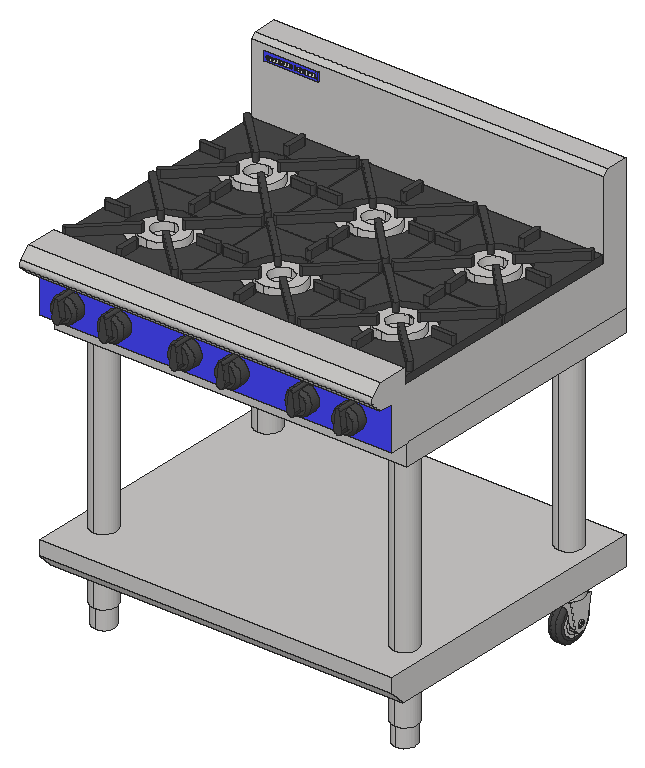
Revit family "QF_MOFFAT_BLUESEAL_CE_G516D-LS", category Specialty Equipment, Revit 2012 (continued)
Definition of nested family "GAS BURNER 900"
  Forms (mm)
    Extrusion 2, solid, material "QF_Finishes_Black"
      sketch origin (0, 0, 19.5) x (0, -1, 0) y (1, 0, 0)
        loop
          spline (202.475, 123.076) -> (201.405, 123.837) -> (200.101, 124.238) -> (198.649, 124.251) -> (197.15, 123.875) -> (195.705, 123.137) -> (194.414, 122.086) -> (193.363, 120.795) -> (192.625, 119.35) -> (192.249, 117.851) -> (192.262, 116.399) -> (192.663, 115.095) -> (193.424, 114.025)
          line (193.424, 114.025) -> (304.847, 6.102)
          spline (304.847, 6.102) -> (305.916, 5.341) -> (307.221, 4.941) -> (308.672, 4.928) -> (310.171, 5.303) -> (311.616, 6.041) -> (312.908, 7.092) -> (313.959, 8.384) -> (314.697, 9.829) -> (315.072, 11.328) -> (315.059, 12.779) -> (314.659, 14.084) -> (313.898, 15.153)
        loop
          line (172.9, 8.898) -> (172.9, 58.102)
          spline (172.9, 58.102) -> (172.682, 59.396) -> (172.043, 60.602) -> (171.025, 61.638) -> (169.7, 62.432) -> (168.156, 62.932) -> (166.5, 63.102) -> (164.844, 62.932) -> (163.3, 62.432) -> (161.975, 61.638) -> (160.957, 60.602) -> (160.318, 59.396) -> (160.1, 58.102)
          line (160.1, 58.102) -> (160.1, 8.898)
          spline (160.1, 8.898) -> (160.318, 7.604) -> (160.957, 6.398) -> (161.975, 5.362) -> (163.3, 4.568) -> (164.844, 4.068) -> (166.5, 3.898) -> (168.156, 4.068) -> (169.7, 4.568) -> (171.025, 5.362) -> (172.043, 6.398) -> (172.682, 7.604) -> (172.9, 8.898)
      from 0 to 20.5
    Extrusion 3, solid, material "QF_Finishes_Stainless Steel"
      sketch origin (0, -15.098, 0) x (0, -1, 0) y (1, 0, 0)
        loop
          circle (151.402, 150) r 57
        loop
          circle (451.402, 150) r 57
        loop
          circle (151.402, 150) r 30
        loop
          circle (451.402, 150) r 30
      from 0 to 20
    Extrusion 4, solid, material "QF_Finishes_Black"
      sketch origin (600, 0, 0) x (0, -1, 0) y (1, 0, 0)
        loop
          arc (318.5, -4) -> (317.621, -1.879) -> (315.5, -1) r 3
          line (315.5, -1) -> (3, -1)
          arc (3, -1) -> (0.879, -1.879) -> (0, -4) r 3
          line (0, -4) -> (0, -296)
          arc (0, -296) -> (0.879, -298.121) -> (3, -299) r 3
          line (3, -299) -> (315.5, -299)
          arc (315.5, -299) -> (317.621, -298.121) -> (318.5, -296) r 3
          line (318.5, -296) -> (318.5, -4)
        loop
          arc (324.5, -1) -> (322.379, -1.879) -> (321.5, -4) r 3
          line (321.5, -4) -> (321.5, -296)
          arc (321.5, -296) -> (322.379, -298.121) -> (324.5, -299) r 3
          line (324.5, -299) -> (632, -299)
          arc (632, -299) -> (634.121, -298.121) -> (635, -296) r 3
          line (635, -296) -> (635, -4)
          arc (635, -4) -> (634.121, -1.879) -> (632, -1) r 3
          line (632, -1) -> (324.5, -1)
        loop
          circle (168.5, -149.991) r 84.082
        loop
          circle (468.5, -149.991) r 84.082
      from 0 to 19.5
    Extrusion 5, solid, material "QF_Finishes_Black"
      sketch origin (600, 0, 19.5) x (0, -1, 0) y (1, 0, 0)
        loop
          line (326.102, -15.153) -> (434.025, -123.076)
          spline (434.025, -123.076) -> (435.095, -123.837) -> (436.399, -124.238) -> (437.851, -124.251) -> (439.35, -123.875) -> (440.795, -123.137) -> (442.086, -122.086) -> (443.137, -120.795) -> (443.875, -119.35) -> (444.251, -117.851) -> (444.238, -116.399) -> (443.837, -115.095) -> (443.076, -114.025)
          line (443.076, -114.025) -> (335.153, -6.102)
          spline (335.153, -6.102) -> (333.924, -5.181) -> (332.47, -4.631) -> (330.89, -4.49) -> (329.292, -4.767) -> (327.786, -5.443) -> (326.473, -6.473) -> (325.443, -7.786) -> (324.767, -9.292) -> (324.49, -10.89) -> (324.631, -12.47) -> (325.181, -13.924) -> (326.102, -15.153)
        loop
          line (328.898, -156.4) -> (378.102, -156.4)
          spline (378.102, -156.4) -> (379.396, -156.182) -> (380.602, -155.543) -> (381.638, -154.525) -> (382.432, -153.2) -> (382.932, -151.656) -> (383.102, -150) -> (382.932, -148.344) -> (382.432, -146.8) -> (381.638, -145.475) -> (380.602, -144.457) -> (379.396, -143.818) -> (378.102, -143.6)
          line (378.102, -143.6) -> (328.898, -143.6)
          spline (328.898, -143.6) -> (327.604, -143.818) -> (326.398, -144.457) -> (325.362, -145.475) -> (324.568, -146.8) -> (324.068, -148.344) -> (323.898, -150) -> (324.068, -151.656) -> (324.568, -153.2) -> (325.362, -154.525) -> (326.398, -155.543) -> (327.604, -156.182) -> (328.898, -156.4)
        loop
          line (335.153, -293.898) -> (443.076, -185.975)
          spline (443.076, -185.975) -> (443.837, -184.905) -> (444.238, -183.601) -> (444.251, -182.149) -> (443.875, -180.65) -> (443.137, -179.205) -> (442.086, -177.914) -> (440.795, -176.863) -> (439.35, -176.125) -> (437.851, -175.749) -> (436.399, -175.762) -> (435.095, -176.163) -> (434.025, -176.924)
          line (434.025, -176.924) -> (326.102, -284.847)
          spline (326.102, -284.847) -> (325.341, -285.916) -> (324.941, -287.221) -> (324.928, -288.672) -> (325.303, -290.171) -> (326.041, -291.616) -> (327.092, -292.908) -> (328.384, -293.959) -> (329.829, -294.697) -> (331.328, -295.072) -> (332.779, -295.059) -> (334.084, -294.659) -> (335.153, -293.898)
        loop
          spline (463.6, -291.102) -> (463.818, -292.396) -> (464.457, -293.602) -> (465.475, -294.638) -> (466.8, -295.432) -> (468.344, -295.932) -> (470, -296.102) -> (471.656, -295.932) -> (473.2, -295.432) -> (474.525, -294.638) -> (475.543, -293.602) -> (476.182, -292.396) -> (476.4, -291.102)
          line (476.4, -291.102) -> (476.4, -241.898)
          spline (476.4, -241.898) -> (476.182, -240.604) -> (475.543, -239.398) -> (474.525, -238.362) -> (473.2, -237.568) -> (471.656, -237.068) -> (470, -236.898) -> (468.344, -237.068) -> (466.8, -237.568) -> (465.475, -238.362) -> (464.457, -239.398) -> (463.818, -240.604) -> (463.6, -241.898)
          line (463.6, -241.898) -> (463.6, -291.102)
        loop
          line (612.398, -284.847) -> (505.975, -176.924)
          spline (505.975, -176.924) -> (504.905, -176.163) -> (503.601, -175.762) -> (502.149, -175.749) -> (500.65, -176.125) -> (499.205, -176.863) -> (497.914, -177.914) -> (496.863, -179.205) -> (496.125, -180.65) -> (495.749, -182.149) -> (495.762, -183.601) -> (496.163, -184.905) -> (496.924, -185.975)
          line (496.924, -185.975) -> (603.347, -293.898)
          spline (603.347, -293.898) -> (604.416, -294.659) -> (605.721, -295.059) -> (607.172, -295.072) -> (608.671, -294.697) -> (610.116, -293.959) -> (611.408, -292.908) -> (612.459, -291.616) -> (613.197, -290.171) -> (613.572, -288.672) -> (613.559, -287.221) -> (613.159, -285.916) -> (612.398, -284.847)
        loop
          line (609.602, -143.6) -> (561.898, -143.6)
          spline (561.898, -143.6) -> (560.604, -143.818) -> (559.398, -144.457) -> (558.362, -145.475) -> (557.568, -146.8) -> (557.068, -148.344) -> (556.898, -150) -> (557.068, -151.656) -> (557.568, -153.2) -> (558.362, -154.525) -> (559.398, -155.543) -> (560.604, -156.182) -> (561.898, -156.4)
          line (561.898, -156.4) -> (609.602, -156.4)
          spline (609.602, -156.4) -> (610.896, -156.182) -> (612.102, -155.543) -> (613.138, -154.525) -> (613.932, -153.2) -> (614.432, -151.656) -> (614.602, -150) -> (614.432, -148.344) -> (613.932, -146.8) -> (613.138, -145.475) -> (612.102, -144.457) -> (610.896, -143.818) -> (609.602, -143.6)
        loop
          spline (612.398, -15.153) -> (613.159, -14.084) -> (613.559, -12.779) -> (613.572, -11.328) -> (613.197, -9.829) -> (612.459, -8.384) -> (611.408, -7.092) -> (610.116, -6.041) -> (608.671, -5.303) -> (607.172, -4.928) -> (605.721, -4.941) -> (604.416, -5.341) -> (603.347, -6.102)
          line (603.347, -6.102) -> (496.924, -114.025)
          spline (496.924, -114.025) -> (496.163, -115.095) -> (495.762, -116.399) -> (495.749, -117.851) -> (496.125, -119.35) -> (496.863, -120.795) -> (497.914, -122.086) -> (499.205, -123.137) -> (500.65, -123.875) -> (502.149, -124.251) -> (503.601, -124.238) -> (504.905, -123.837) -> (505.975, -123.076)
          line (505.975, -123.076) -> (612.398, -15.153)
        loop
          spline (476.4, -8.898) -> (476.182, -7.604) -> (475.543, -6.398) -> (474.525, -5.362) -> (473.2, -4.568) -> (471.656, -4.068) -> (470, -3.898) -> (468.344, -4.068) -> (466.8, -4.568) -> (465.475, -5.362) -> (464.457, -6.398) -> (463.818, -7.604) -> (463.6, -8.898)
          line (463.6, -8.898) -> (463.6, -58.102)
          spline (463.6, -58.102) -> (463.818, -59.396) -> (464.457, -60.602) -> (465.475, -61.638) -> (466.8, -62.432) -> (468.344, -62.932) -> (470, -63.102) -> (471.656, -62.932) -> (473.2, -62.432) -> (474.525, -61.638) -> (475.543, -60.602) -> (476.182, -59.396) -> (476.4, -58.102)
          line (476.4, -58.102) -> (476.4, -8.898)
        loop
          line (22.602, -15.153) -> (130.525, -123.076)
          spline (130.525, -123.076) -> (131.595, -123.837) -> (132.899, -124.238) -> (134.351, -124.251) -> (135.85, -123.875) -> (137.295, -123.137) -> (138.586, -122.086) -> (139.637, -120.795) -> (140.375, -119.35) -> (140.751, -117.851) -> (140.738, -116.399) -> (140.337, -115.095) -> (139.576, -114.025)
          line (139.576, -114.025) -> (31.653, -6.102)
          spline (31.653, -6.102) -> (30.424, -5.181) -> (28.97, -4.631) -> (27.39, -4.49) -> (25.792, -4.767) -> (24.286, -5.443) -> (22.973, -6.473) -> (21.943, -7.786) -> (21.267, -9.292) -> (20.99, -10.89) -> (21.131, -12.47) -> (21.681, -13.924) -> (22.602, -15.153)
        loop
          line (25.398, -156.4) -> (74.602, -156.4)
          spline (74.602, -156.4) -> (75.896, -156.182) -> (77.102, -155.543) -> (78.138, -154.525) -> (78.932, -153.2) -> (79.432, -151.656) -> (79.602, -150) -> (79.432, -148.344) -> (78.932, -146.8) -> (78.138, -145.475) -> (77.102, -144.457) -> (75.896, -143.818) -> (74.602, -143.6)
          line (74.602, -143.6) -> (25.398, -143.6)
          spline (25.398, -143.6) -> (24.104, -143.818) -> (22.898, -144.457) -> (21.862, -145.475) -> (21.068, -146.8) -> (20.568, -148.344) -> (20.398, -150) -> (20.568, -151.656) -> (21.068, -153.2) -> (21.862, -154.525) -> (22.898, -155.543) -> (24.104, -156.182) -> (25.398, -156.4)
        loop
          line (31.653, -293.898) -> (139.576, -185.975)
          spline (139.576, -185.975) -> (140.337, -184.905) -> (140.738, -183.601) -> (140.751, -182.149) -> (140.375, -180.65) -> (139.637, -179.205) -> (138.586, -177.914) -> (137.295, -176.863) -> (135.85, -176.125) -> (134.351, -175.749) -> (132.899, -175.762) -> (131.595, -176.163) -> (130.525, -176.924)
          line (130.525, -176.924) -> (22.602, -284.847)
          spline (22.602, -284.847) -> (21.841, -285.916) -> (21.441, -287.221) -> (21.428, -288.672) -> (21.803, -290.171) -> (22.541, -291.616) -> (23.592, -292.908) -> (24.884, -293.959) -> (26.329, -294.697) -> (27.828, -295.072) -> (29.279, -295.059) -> (30.584, -294.659) -> (31.653, -293.898)
        loop
          spline (160.1, -291.102) -> (160.318, -292.396) -> (160.957, -293.602) -> (161.975, -294.638) -> (163.3, -295.432) -> (164.844, -295.932) -> (166.5, -296.102) -> (168.156, -295.932) -> (169.7, -295.432) -> (171.025, -294.638) -> (172.043, -293.602) -> (172.682, -292.396) -> (172.9, -291.102)
          line (172.9, -291.102) -> (172.9, -241.898)
          spline (172.9, -241.898) -> (172.682, -240.604) -> (172.043, -239.398) -> (171.025, -238.362) -> (169.7, -237.568) -> (168.156, -237.068) -> (166.5, -236.898) -> (164.844, -237.068) -> (163.3, -237.568) -> (161.975, -238.362) -> (160.957, -239.398) -> (160.318, -240.604) -> (160.1, -241.898)
          line (160.1, -241.898) -> (160.1, -291.102)
        loop
          line (313.898, -284.847) -> (202.475, -176.924)
          spline (202.475, -176.924) -> (201.405, -176.163) -> (200.101, -175.762) -> (198.649, -175.749) -> (197.15, -176.125) -> (195.705, -176.863) -> (194.414, -177.914) -> (193.363, -179.205) -> (192.625, -180.65) -> (192.249, -182.149) -> (192.262, -183.601) -> (192.663, -184.905) -> (193.424, -185.975)
          line (193.424, -185.975) -> (304.847, -293.898)
          spline (304.847, -293.898) -> (305.916, -294.659) -> (307.221, -295.059) -> (308.672, -295.072) -> (310.171, -294.697) -> (311.616, -293.959) -> (312.908, -292.908) -> (313.959, -291.616) -> (314.697, -290.171) -> (315.072, -288.672) -> (315.059, -287.221) -> (314.659, -285.916) -> (313.898, -284.847)
        loop
          line (311.102, -143.6) -> (261.898, -143.6)
          spline (261.898, -143.6) -> (260.604, -143.818) -> (259.398, -144.457) -> (258.362, -145.475) -> (257.568, -146.8) -> (257.068, -148.344) -> (256.898, -150) -> (257.068, -151.656) -> (257.568, -153.2) -> (258.362, -154.525) -> (259.398, -155.543) -> (260.604, -156.182) -> (261.898, -156.4)
          line (261.898, -156.4) -> (311.102, -156.4)
          spline (311.102, -156.4) -> (312.396, -156.182) -> (313.602, -155.543) -> (314.638, -154.525) -> (315.432, -153.2) -> (315.932, -151.656) -> (316.102, -150) -> (315.932, -148.344) -> (315.432, -146.8) -> (314.638, -145.475) -> (313.602, -144.457) -> (312.396, -143.818) -> (311.102, -143.6)
        loop
          spline (313.898, -15.153) -> (314.659, -14.084) -> (315.059, -12.779) -> (315.072, -11.328) -> (314.697, -9.829) -> (313.959, -8.384) -> (312.908, -7.092) -> (311.616, -6.041) -> (310.171, -5.303) -> (308.672, -4.928) -> (307.221, -4.941) -> (305.916, -5.341) -> (304.847, -6.102)
          line (304.847, -6.102) -> (193.424, -114.025)
          spline (193.424, -114.025) -> (192.663, -115.095) -> (192.262, -116.399) -> (192.249, -117.851) -> (192.625, -119.35) -> (193.363, -120.795) -> (194.414, -122.086) -> (195.705, -123.137) -> (197.15, -123.875) -> (198.649, -124.251) -> (200.101, -124.238) -> (201.405, -123.837) -> (202.475, -123.076)
          line (202.475, -123.076) -> (313.898, -15.153)
        loop
          spline (172.9, -8.898) -> (172.682, -7.604) -> (172.043, -6.398) -> (171.025, -5.362) -> (169.7, -4.568) -> (168.156, -4.068) -> (166.5, -3.898) -> (164.844, -4.068) -> (163.3, -4.568) -> (161.975, -5.362) -> (160.957, -6.398) -> (160.318, -7.604) -> (160.1, -8.898)
          line (160.1, -8.898) -> (160.1, -58.102)
          spline (160.1, -58.102) -> (160.318, -59.396) -> (160.957, -60.602) -> (161.975, -61.638) -> (163.3, -62.432) -> (164.844, -62.932) -> (166.5, -63.102) -> (168.156, -62.932) -> (169.7, -62.432) -> (171.025, -61.638) -> (172.043, -60.602) -> (172.682, -59.396) -> (172.9, -58.102)
          line (172.9, -58.102) -> (172.9, -8.898)
      from 0 to 20.5
    Extrusion 6, solid, material "QF_Finishes_Stainless Steel"
      sketch origin (600, -15.098, 0) x (0, -1, 0) y (1, 0, 0)
        loop
          circle (151.402, -150) r 57
        loop
          circle (451.402, -150) r 57
        loop
          circle (151.402, -150) r 30
        loop
          circle (451.402, -150) r 30
      from 0 to 20
    Extrusion 7, solid, material "QF_Finishes_Black"
      sketch origin (901, 0, 19.5) x (0, -1, 0) y (1, 0, 0)
        loop
          line (326.102, -15.153) -> (434.025, -123.076)
          spline (434.025, -123.076) -> (435.095, -123.837) -> (436.399, -124.238) -> (437.851, -124.251) -> (439.35, -123.875) -> (440.795, -123.137) -> (442.086, -122.086) -> (443.137, -120.795) -> (443.875, -119.35) -> (444.251, -117.851) -> (444.238, -116.399) -> (443.837, -115.095) -> (443.076, -114.025)
          line (443.076, -114.025) -> (335.153, -6.102)
          spline (335.153, -6.102) -> (333.924, -5.181) -> (332.47, -4.631) -> (330.89, -4.49) -> (329.292, -4.767) -> (327.786, -5.443) -> (326.473, -6.473) -> (325.443, -7.786) -> (324.767, -9.292) -> (324.49, -10.89) -> (324.631, -12.47) -> (325.181, -13.924) -> (326.102, -15.153)
        loop
          line (328.898, -156.4) -> (378.102, -156.4)
          spline (378.102, -156.4) -> (379.396, -156.182) -> (380.602, -155.543) -> (381.638, -154.525) -> (382.432, -153.2) -> (382.932, -151.656) -> (383.102, -150) -> (382.932, -148.344) -> (382.432, -146.8) -> (381.638, -145.475) -> (380.602, -144.457) -> (379.396, -143.818) -> (378.102, -143.6)
          line (378.102, -143.6) -> (328.898, -143.6)
          spline (328.898, -143.6) -> (327.604, -143.818) -> (326.398, -144.457) -> (325.362, -145.475) -> (324.568, -146.8) -> (324.068, -148.344) -> (323.898, -150) -> (324.068, -151.656) -> (324.568, -153.2) -> (325.362, -154.525) -> (326.398, -155.543) -> (327.604, -156.182) -> (328.898, -156.4)
        loop
          line (335.153, -293.898) -> (443.076, -185.975)
          spline (443.076, -185.975) -> (443.837, -184.905) -> (444.238, -183.601) -> (444.251, -182.149) -> (443.875, -180.65) -> (443.137, -179.205) -> (442.086, -177.914) -> (440.795, -176.863) -> (439.35, -176.125) -> (437.851, -175.749) -> (436.399, -175.762) -> (435.095, -176.163) -> (434.025, -176.924)
          line (434.025, -176.924) -> (326.102, -284.847)
          spline (326.102, -284.847) -> (325.341, -285.916) -> (324.941, -287.221) -> (324.928, -288.672) -> (325.303, -290.171) -> (326.041, -291.616) -> (327.092, -292.908) -> (328.384, -293.959) -> (329.829, -294.697) -> (331.328, -295.072) -> (332.779, -295.059) -> (334.084, -294.659) -> (335.153, -293.898)
        loop
          spline (463.6, -291.102) -> (463.818, -292.396) -> (464.457, -293.602) -> (465.475, -294.638) -> (466.8, -295.432) -> (468.344, -295.932) -> (470, -296.102) -> (471.656, -295.932) -> (473.2, -295.432) -> (474.525, -294.638) -> (475.543, -293.602) -> (476.182, -292.396) -> (476.4, -291.102)
          line (476.4, -291.102) -> (476.4, -241.898)
          spline (476.4, -241.898) -> (476.182, -240.604) -> (475.543, -239.398) -> (474.525, -238.362) -> (473.2, -237.568) -> (471.656, -237.068) -> (470, -236.898) -> (468.344, -237.068) -> (466.8, -237.568) -> (465.475, -238.362) -> (464.457, -239.398) -> (463.818, -240.604) -> (463.6, -241.898)
          line (463.6, -241.898) -> (463.6, -291.102)
        loop
          line (612.398, -284.847) -> (505.975, -176.924)
          spline (505.975, -176.924) -> (504.905, -176.163) -> (503.601, -175.762) -> (502.149, -175.749) -> (500.65, -176.125) -> (499.205, -176.863) -> (497.914, -177.914) -> (496.863, -179.205) -> (496.125, -180.65) -> (495.749, -182.149) -> (495.762, -183.601) -> (496.163, -184.905) -> (496.924, -185.975)
          line (496.924, -185.975) -> (603.347, -293.898)
          spline (603.347, -293.898) -> (604.416, -294.659) -> (605.721, -295.059) -> (607.172, -295.072) -> (608.671, -294.697) -> (610.116, -293.959) -> (611.408, -292.908) -> (612.459, -291.616) -> (613.197, -290.171) -> (613.572, -288.672) -> (613.559, -287.221) -> (613.159, -285.916) -> (612.398, -284.847)
        loop
          line (609.602, -143.6) -> (561.898, -143.6)
          spline (561.898, -143.6) -> (560.604, -143.818) -> (559.398, -144.457) -> (558.362, -145.475) -> (557.568, -146.8) -> (557.068, -148.344) -> (556.898, -150) -> (557.068, -151.656) -> (557.568, -153.2) -> (558.362, -154.525) -> (559.398, -155.543) -> (560.604, -156.182) -> (561.898, -156.4)
          line (561.898, -156.4) -> (609.602, -156.4)
          spline (609.602, -156.4) -> (610.896, -156.182) -> (612.102, -155.543) -> (613.138, -154.525) -> (613.932, -153.2) -> (614.432, -151.656) -> (614.602, -150) -> (614.432, -148.344) -> (613.932, -146.8) -> (613.138, -145.475) -> (612.102, -144.457) -> (610.896, -143.818) -> (609.602, -143.6)
        loop
          spline (612.398, -15.153) -> (613.159, -14.084) -> (613.559, -12.779) -> (613.572, -11.328) -> (613.197, -9.829) -> (612.459, -8.384) -> (611.408, -7.092) -> (610.116, -6.041) -> (608.671, -5.303) -> (607.172, -4.928) -> (605.721, -4.941) -> (604.416, -5.341) -> (603.347, -6.102)
          line (603.347, -6.102) -> (496.924, -114.025)
          spline (496.924, -114.025) -> (496.163, -115.095) -> (495.762, -116.399) -> (495.749, -117.851) -> (496.125, -119.35) -> (496.863, -120.795) -> (497.914, -122.086) -> (499.205, -123.137) -> (500.65, -123.875) -> (502.149, -124.251) -> (503.601, -124.238) -> (504.905, -123.837) -> (505.975, -123.076)
          line (505.975, -123.076) -> (612.398, -15.153)
        loop
          spline (476.4, -8.898) -> (476.182, -7.604) -> (475.543, -6.398) -> (474.525, -5.362) -> (473.2, -4.568) -> (471.656, -4.068) -> (470, -3.898) -> (468.344, -4.068) -> (466.8, -4.568) -> (465.475, -5.362) -> (464.457, -6.398) -> (463.818, -7.604) -> (463.6, -8.898)
          line (463.6, -8.898) -> (463.6, -58.102)
          spline (463.6, -58.102) -> (463.818, -59.396) -> (464.457, -60.602) -> (465.475, -61.638) -> (466.8, -62.432) -> (468.344, -62.932) -> (470, -63.102) -> (471.656, -62.932) -> (473.2, -62.432) -> (474.525, -61.638) -> (475.543, -60.602) -> (476.182, -59.396) -> (476.4, -58.102)
          line (476.4, -58.102) -> (476.4, -8.898)
        loop
          line (22.602, -15.153) -> (130.525, -123.076)
          spline (130.525, -123.076) -> (131.595, -123.837) -> (132.899, -124.238) -> (134.351, -124.251) -> (135.85, -123.875) -> (137.295, -123.137) -> (138.586, -122.086) -> (139.637, -120.795) -> (140.375, -119.35) -> (140.751, -117.851) -> (140.738, -116.399) -> (140.337, -115.095) -> (139.576, -114.025)
          line (139.576, -114.025) -> (31.653, -6.102)
          spline (31.653, -6.102) -> (30.424, -5.181) -> (28.97, -4.631) -> (27.39, -4.49) -> (25.792, -4.767) -> (24.286, -5.443) -> (22.973, -6.473) -> (21.943, -7.786) -> (21.267, -9.292) -> (20.99, -10.89) -> (21.131, -12.47) -> (21.681, -13.924) -> (22.602, -15.153)
        loop
          line (25.398, -156.4) -> (74.602, -156.4)
          spline (74.602, -156.4) -> (75.896, -156.182) -> (77.102, -155.543) -> (78.138, -154.525) -> (78.932, -153.2) -> (79.432, -151.656) -> (79.602, -150) -> (79.432, -148.344) -> (78.932, -146.8) -> (78.138, -145.475) -> (77.102, -144.457) -> (75.896, -143.818) -> (74.602, -143.6)
          line (74.602, -143.6) -> (25.398, -143.6)
          spline (25.398, -143.6) -> (24.104, -143.818) -> (22.898, -144.457) -> (21.862, -145.475) -> (21.068, -146.8) -> (20.568, -148.344) -> (20.398, -150) -> (20.568, -151.656) -> (21.068, -153.2) -> (21.862, -154.525) -> (22.898, -155.543) -> (24.104, -156.182) -> (25.398, -156.4)
        loop
          line (31.653, -293.898) -> (139.576, -185.975)
          spline (139.576, -185.975) -> (140.337, -184.905) -> (140.738, -183.601) -> (140.751, -182.149) -> (140.375, -180.65) -> (139.637, -179.205) -> (138.586, -177.914) -> (137.295, -176.863) -> (135.85, -176.125) -> (134.351, -175.749) -> (132.899, -175.762) -> (131.595, -176.163) -> (130.525, -176.924)
          line (130.525, -176.924) -> (22.602, -284.847)
          spline (22.602, -284.847) -> (21.841, -285.916) -> (21.441, -287.221) -> (21.428, -288.672) -> (21.803, -290.171) -> (22.541, -291.616) -> (23.592, -292.908) -> (24.884, -293.959) -> (26.329, -294.697) -> (27.828, -295.072) -> (29.279, -295.059) -> (30.584, -294.659) -> (31.653, -293.898)
        loop
          spline (160.1, -291.102) -> (160.318, -292.396) -> (160.957, -293.602) -> (161.975, -294.638) -> (163.3, -295.432) -> (164.844, -295.932) -> (166.5, -296.102) -> (168.156, -295.932) -> (169.7, -295.432) -> (171.025, -294.638) -> (172.043, -293.602) -> (172.682, -292.396) -> (172.9, -291.102)
          line (172.9, -291.102) -> (172.9, -241.898)
          spline (172.9, -241.898) -> (172.682, -240.604) -> (172.043, -239.398) -> (171.025, -238.362) -> (169.7, -237.568) -> (168.156, -237.068) -> (166.5, -236.898) -> (164.844, -237.068) -> (163.3, -237.568) -> (161.975, -238.362) -> (160.957, -239.398) -> (160.318, -240.604) -> (160.1, -241.898)
          line (160.1, -241.898) -> (160.1, -291.102)
        loop
          line (313.898, -284.847) -> (202.475, -176.924)
          spline (202.475, -176.924) -> (201.405, -176.163) -> (200.101, -175.762) -> (198.649, -175.749) -> (197.15, -176.125) -> (195.705, -176.863) -> (194.414, -177.914) -> (193.363, -179.205) -> (192.625, -180.65) -> (192.249, -182.149) -> (192.262, -183.601) -> (192.663, -184.905) -> (193.424, -185.975)
          line (193.424, -185.975) -> (304.847, -293.898)
          spline (304.847, -293.898) -> (305.916, -294.659) -> (307.221, -295.059) -> (308.672, -295.072) -> (310.171, -294.697) -> (311.616, -293.959) -> (312.908, -292.908) -> (313.959, -291.616) -> (314.697, -290.171) -> (315.072, -288.672) -> (315.059, -287.221) -> (314.659, -285.916) -> (313.898, -284.847)
        loop
          line (311.102, -143.6) -> (261.898, -143.6)
          spline (261.898, -143.6) -> (260.604, -143.818) -> (259.398, -144.457) -> (258.362, -145.475) -> (257.568, -146.8) -> (257.068, -148.344) -> (256.898, -150) -> (257.068, -151.656) -> (257.568, -153.2) -> (258.362, -154.525) -> (259.398, -155.543) -> (260.604, -156.182) -> (261.898, -156.4)
          line (261.898, -156.4) -> (311.102, -156.4)
          spline (311.102, -156.4) -> (312.396, -156.182) -> (313.602, -155.543) -> (314.638, -154.525) -> (315.432, -153.2) -> (315.932, -151.656) -> (316.102, -150) -> (315.932, -148.344) -> (315.432, -146.8) -> (314.638, -145.475) -> (313.602, -144.457) -> (312.396, -143.818) -> (311.102, -143.6)
        loop
          spline (313.898, -15.153) -> (314.659, -14.084) -> (315.059, -12.779) -> (315.072, -11.328) -> (314.697, -9.829) -> (313.959, -8.384) -> (312.908, -7.092) -> (311.616, -6.041) -> (310.171, -5.303) -> (308.672, -4.928) -> (307.221, -4.941) -> (305.916, -5.341) -> (304.847, -6.102)
          line (304.847, -6.102) -> (193.424, -114.025)
          spline (193.424, -114.025) -> (192.663, -115.095) -> (192.262, -116.399) -> (192.249, -117.851) -> (192.625, -119.35) -> (193.363, -120.795) -> (194.414, -122.086) -> (195.705, -123.137) -> (197.15, -123.875) -> (198.649, -124.251) -> (200.101, -124.238) -> (201.405, -123.837) -> (202.475, -123.076)
          line (202.475, -123.076) -> (313.898, -15.153)
        loop
          spline (172.9, -8.898) -> (172.682, -7.604) -> (172.043, -6.398) -> (171.025, -5.362) -> (169.7, -4.568) -> (168.156, -4.068) -> (166.5, -3.898) -> (164.844, -4.068) -> (163.3, -4.568) -> (161.975, -5.362) -> (160.957, -6.398) -> (160.318, -7.604) -> (160.1, -8.898)
          line (160.1, -8.898) -> (160.1, -58.102)
          spline (160.1, -58.102) -> (160.318, -59.396) -> (160.957, -60.602) -> (161.975, -61.638) -> (163.3, -62.432) -> (164.844, -62.932) -> (166.5, -63.102) -> (168.156, -62.932) -> (169.7, -62.432) -> (171.025, -61.638) -> (172.043, -60.602) -> (172.682, -59.396) -> (172.9, -58.102)
          line (172.9, -58.102) -> (172.9, -8.898)
      from 0 to 20.5
    Extrusion 8, solid, material "QF_Finishes_Stainless Steel"
      sketch origin (901, -15.098, 0) x (0, -1, 0) y (1, 0, 0)
        loop
          circle (151.402, -150) r 57
        loop
          circle (451.402, -150) r 57
        loop
          circle (151.402, -150) r 30
        loop
          circle (451.402, -150) r 30
      from 0 to 20
    Extrusion 9, solid, material "QF_Finishes_Black"
      sketch origin (901, 0, 0) x (0, -1, 0) y (1, 0, 0)
        loop
          arc (318.5, -4) -> (317.621, -1.879) -> (315.5, -1) r 3
          line (315.5, -1) -> (3, -1)
          arc (3, -1) -> (0.879, -1.879) -> (0, -4) r 3
          line (0, -4) -> (0, -296)
          arc (0, -296) -> (0.879, -298.121) -> (3, -299) r 3
          line (3, -299) -> (315.5, -299)
          arc (315.5, -299) -> (317.621, -298.121) -> (318.5, -296) r 3
          line (318.5, -296) -> (318.5, -4)
        loop
          arc (324.5, -1) -> (322.379, -1.879) -> (321.5, -4) r 3
          line (321.5, -4) -> (321.5, -296)
          arc (321.5, -296) -> (322.379, -298.121) -> (324.5, -299) r 3
          line (324.5, -299) -> (632, -299)
          arc (632, -299) -> (634.121, -298.121) -> (635, -296) r 3
          line (635, -296) -> (635, -4)
          arc (635, -4) -> (634.121, -1.879) -> (632, -1) r 3
          line (632, -1) -> (324.5, -1)
        loop
          circle (168.5, -149.991) r 84.082
        loop
          circle (468.5, -149.991) r 84.082
      from 0 to 19.5
    Extrusion 10, solid, material "QF_Finishes_Stainless Steel"
      sketch origin (901, -15.098, 0) x (0, -1, 0) y (1, 0, 0)
        loop
          circle (151.402, -150) r 57
        loop
          circle (451.402, -150) r 57
        loop
          circle (151.402, -150) r 30
        loop
          circle (451.402, -150) r 30
      from 0 to 20
  Lines and regions (mm)
    symbolic lines
      curve 1: line (284.847, -22.602, 0) -> (176.924, -130.525, 0)
      curve 2: spline (176.924, -130.525, 0) -> (176.163, -131.595, 0) -> (175.762, -132.899, 0) -> (175.749, -134.351, 0) -> (176.125, -135.85, 0) -> (176.863, -137.295, 0) -> (177.914, -138.586, 0) -> (179.205, -139.637, 0) -> (180.65, -140.375, 0) -> (182.149, -140.751, 0) -> (183.601, -140.738, 0) -> (184.905, -140.337, 0) -> (185.975, -139.576, 0)
      curve 3: line (185.975, -139.576, 0) -> (293.898, -31.653, 0)
      curve 4: spline (293.898, -31.653, 0) -> (294.659, -30.584, 0) -> (295.059, -29.279, 0) -> (295.072, -27.828, 0) -> (294.697, -26.329, 0) -> (293.959, -24.884, 0) -> (292.908, -23.592, 0) -> (291.616, -22.541, 0) -> (290.171, -21.803, 0) -> (288.672, -21.428, 0) -> (287.221, -21.441, 0) -> (285.916, -21.841, 0) -> (284.847, -22.602, 0)
      curve 5: line (291.102, -160.1, 0) -> (241.898, -160.1, 0)
      curve 6: spline (241.898, -160.1, 0) -> (240.604, -160.318, 0) -> (239.398, -160.957, 0) -> (238.362, -161.975, 0) -> (237.568, -163.3, 0) -> (237.068, -164.844, 0) -> (236.898, -166.5, 0) -> (237.068, -168.156, 0) -> (237.568, -169.7, 0) -> (238.362, -171.025, 0) -> (239.398, -172.043, 0) -> (240.604, -172.682, 0) -> (241.898, -172.9, 0)
      curve 7: line (241.898, -172.9, 0) -> (291.102, -172.9, 0)
      curve 8: spline (291.102, -172.9, 0) -> (292.396, -172.682, 0) -> (293.602, -172.043, 0) -> (294.638, -171.025, 0) -> (295.432, -169.7, 0) -> (295.932, -168.156, 0) -> (296.102, -166.5, 0) -> (295.932, -164.844, 0) -> (295.432, -163.3, 0) -> (294.638, -161.975, 0) -> (293.602, -160.957, 0) -> (292.396, -160.318, 0) -> (291.102, -160.1, 0)
      curve 9: line (306.102, -31.653, 0) -> (414.025, -139.576, 0)
      curve 10: spline (414.025, -139.576, 0) -> (415.095, -140.337, 0) -> (416.399, -140.738, 0) -> (417.851, -140.751, 0) -> (419.35, -140.375, 0) -> (420.795, -139.637, 0) -> (422.086, -138.586, 0) -> (423.137, -137.295, 0) -> (423.875, -135.85, 0) -> (424.251, -134.351, 0) -> (424.238, -132.899, 0) -> (423.837, -131.595, 0) -> (423.076, -130.525, 0)
      curve 11: line (423.076, -130.525, 0) -> (315.153, -22.602, 0)
      curve 12: spline (315.153, -22.602, 0) -> (314.084, -21.841, 0) -> (312.779, -21.441, 0) -> (311.328, -21.428, 0) -> (309.829, -21.803, 0) -> (308.384, -22.541, 0) -> (307.092, -23.592, 0) -> (306.041, -24.884, 0) -> (305.303, -26.329, 0) -> (304.928, -27.828, 0) -> (304.941, -29.279, 0) -> (305.341, -30.584, 0) -> (306.102, -31.653, 0)
      curve 13: line (443.6, -25.398, 0) -> (443.6, -74.602, 0)
      curve 14: spline (443.6, -74.602, 0) -> (443.818, -75.896, 0) -> (444.457, -77.102, 0) -> (445.475, -78.138, 0) -> (446.8, -78.932, 0) -> (448.344, -79.432, 0) -> (450, -79.602, 0) -> (451.656, -79.432, 0) -> (453.2, -78.932, 0) -> (454.525, -78.138, 0) -> (455.543, -77.102, 0) -> (456.182, -75.896, 0) -> (456.4, -74.602, 0)
      curve 15: line (456.4, -74.602, 0) -> (456.4, -25.398, 0)
      curve 16: spline (456.4, -25.398, 0) -> (456.182, -24.104, 0) -> (455.543, -22.898, 0) -> (454.525, -21.862, 0) -> (453.2, -21.068, 0) -> (451.656, -20.568, 0) -> (450, -20.398, 0) -> (448.344, -20.568, 0) -> (446.8, -21.068, 0) -> (445.475, -21.862, 0) -> (444.457, -22.898, 0) -> (443.818, -24.104, 0) -> (443.6, -25.398, 0)
      curve 17: line (584.847, -22.602, 0) -> (476.924, -130.525, 0)
      curve 18: spline (476.924, -130.525, 0) -> (476.163, -131.595, 0) -> (475.762, -132.899, 0) -> (475.749, -134.351, 0) -> (476.125, -135.85, 0) -> (476.863, -137.295, 0) -> (477.914, -138.586, 0) -> (479.205, -139.637, 0) -> (480.65, -140.375, 0) -> (482.149, -140.751, 0) -> (483.601, -140.738, 0) -> (484.905, -140.337, 0) -> (485.975, -139.576, 0)
      curve 19: line (485.975, -139.576, 0) -> (593.898, -31.653, 0)
      curve 20: spline (593.898, -31.653, 0) -> (594.819, -30.424, 0) -> (595.369, -28.97, 0) -> (595.51, -27.39, 0) -> (595.233, -25.792, 0) -> (594.557, -24.286, 0) -> (593.527, -22.973, 0) -> (592.214, -21.943, 0) -> (590.708, -21.267, 0) -> (589.11, -20.99, 0) -> (587.53, -21.131, 0) -> (586.076, -21.681, 0) -> (584.847, -22.602, 0)
      curve 21: line (591.102, -160.1, 0) -> (541.898, -160.1, 0)
      curve 22: spline (541.898, -160.1, 0) -> (540.604, -160.318, 0) -> (539.398, -160.957, 0) -> (538.362, -161.975, 0) -> (537.568, -163.3, 0) -> (537.068, -164.844, 0) -> (536.898, -166.5, 0) -> (537.068, -168.156, 0) -> (537.568, -169.7, 0) -> (538.362, -171.025, 0) -> (539.398, -172.043, 0) -> (540.604, -172.682, 0) -> (541.898, -172.9, 0)
      curve 23: line (541.898, -172.9, 0) -> (591.102, -172.9, 0)
      curve 24: spline (591.102, -172.9, 0) -> (592.396, -172.682, 0) -> (593.602, -172.043, 0) -> (594.638, -171.025, 0) -> (595.432, -169.7, 0) -> (595.932, -168.156, 0) -> (596.102, -166.5, 0) -> (595.932, -164.844, 0) -> (595.432, -163.3, 0) -> (594.638, -161.975, 0) -> (593.602, -160.957, 0) -> (592.396, -160.318, 0) -> (591.102, -160.1, 0)
      curve 25: line (593.898, -304.847, 0) -> (485.975, -193.424, 0)
      curve 26: spline (485.975, -193.424, 0) -> (484.905, -192.663, 0) -> (483.601, -192.262, 0) -> (482.149, -192.249, 0) -> (480.65, -192.625, 0) -> (479.205, -193.363, 0) -> (477.914, -194.414, 0) -> (476.863, -195.705, 0) -> (476.125, -197.15, 0) -> (475.749, -198.649, 0) -> (475.762, -200.101, 0) -> (476.163, -201.405, 0) -> (476.924, -202.475, 0)
      curve 27: line (476.924, -202.475, 0) -> (584.847, -313.898, 0)
      curve 28: spline (584.847, -313.898, 0) -> (585.916, -314.659, 0) -> (587.221, -315.059, 0) -> (588.672, -315.072, 0) -> (590.171, -314.697, 0) -> (591.616, -313.959, 0) -> (592.908, -312.908, 0) -> (593.959, -311.616, 0) -> (594.697, -310.171, 0) -> (595.072, -308.672, 0) -> (595.059, -307.221, 0) -> (594.659, -305.916, 0) -> (593.898, -304.847, 0)
      curve 29: arc (450, -223.5, 0) -> (468.725, -220.336, 0) -> (485.372, -211.197, 0) r 57
      curve 30: arc (450, -109.5, 0) -> (431.183, -112.696, 0) -> (414.475, -121.924, 0) r 57
      curve 31: arc (450.009, -84.418, 0) -> (478.534, -89.404, 0) -> (503.676, -103.773, 0) r 84.082
      curve 32: arc (450.009, -252.582, 0) -> (420.453, -247.216, 0) -> (394.669, -231.803, 0) r 84.082
      curve 33: arc (450, -136.5, 0) -> (480, -166.5, 0) -> (450, -196.5, 0) r 30
      curve 34: arc (450, -196.5, 0) -> (420, -166.5, 0) -> (450, -136.5, 0) r 30
      curve 35: arc (150, -223.5, 0) -> (168.725, -220.336, 0) -> (185.372, -211.197, 0) r 57
      curve 36: arc (150, -109.5, 0) -> (131.183, -112.696, 0) -> (114.475, -121.924, 0) r 57
      curve 37: arc (149.991, -84.418, 0) -> (178.523, -89.406, 0) -> (203.668, -103.781, 0) r 84.082
      curve 38: arc (149.991, -252.582, 0) -> (120.441, -247.219, 0) -> (94.661, -231.812, 0) r 84.082
      curve 39: line (156.4, -74.602, 0) -> (156.4, -25.398, 0)
      curve 40: spline (156.4, -25.398, 0) -> (156.182, -24.104, 0) -> (155.543, -22.898, 0) -> (154.525, -21.862, 0) -> (153.2, -21.068, 0) -> (151.656, -20.568, 0) -> (150, -20.398, 0) -> (148.344, -20.568, 0) -> (146.8, -21.068, 0) -> (145.475, -21.862, 0) -> (144.457, -22.898, 0) -> (143.818, -24.104, 0) -> (143.6, -25.398, 0)
      curve 41: line (143.6, -25.398, 0) -> (143.6, -74.602, 0)
      curve 42: spline (143.6, -74.602, 0) -> (143.818, -75.896, 0) -> (144.457, -77.102, 0) -> (145.475, -78.138, 0) -> (146.8, -78.932, 0) -> (148.344, -79.432, 0) -> (150, -79.602, 0) -> (151.656, -79.432, 0) -> (153.2, -78.932, 0) -> (154.525, -78.138, 0) -> (155.543, -77.102, 0) -> (156.182, -75.896, 0) -> (156.4, -74.602, 0)
      curve 43: line (358.102, -160.1, 0) -> (308.898, -160.1, 0)
      curve 44: spline (308.898, -160.1, 0) -> (307.604, -160.318, 0) -> (306.398, -160.957, 0) -> (305.362, -161.975, 0) -> (304.568, -163.3, 0) -> (304.068, -164.844, 0) -> (303.898, -166.5, 0) -> (304.068, -168.156, 0) -> (304.568, -169.7, 0) -> (305.362, -171.025, 0) -> (306.398, -172.043, 0) -> (307.604, -172.682, 0) -> (308.898, -172.9, 0)
      curve 45: line (308.898, -172.9, 0) -> (358.102, -172.9, 0)
      curve 46: spline (358.102, -172.9, 0) -> (359.396, -172.682, 0) -> (360.602, -172.043, 0) -> (361.638, -171.025, 0) -> (362.432, -169.7, 0) -> (362.932, -168.156, 0) -> (363.102, -166.5, 0) -> (362.932, -164.844, 0) -> (362.432, -163.3, 0) -> (361.638, -161.975, 0) -> (360.602, -160.957, 0) -> (359.396, -160.318, 0) -> (358.102, -160.1, 0)
      curve 47: line (414.025, -193.424, 0) -> (306.102, -304.847, 0)
      curve 48: spline (306.102, -304.847, 0) -> (305.341, -305.916, 0) -> (304.941, -307.221, 0) -> (304.928, -308.672, 0) -> (305.303, -310.171, 0) -> (306.041, -311.616, 0) -> (307.092, -312.908, 0) -> (308.384, -313.959, 0) -> (309.829, -314.697, 0) -> (311.328, -315.072, 0) -> (312.779, -315.059, 0) -> (314.084, -314.659, 0) -> (315.153, -313.898, 0)
      curve 49: line (315.153, -313.898, 0) -> (423.076, -202.475, 0)
      curve 50: spline (423.076, -202.475, 0) -> (423.837, -201.405, 0) -> (424.238, -200.101, 0) -> (424.251, -198.649, 0) -> (423.875, -197.15, 0) -> (423.137, -195.705, 0) -> (422.086, -194.414, 0) -> (420.795, -193.363, 0) -> (419.35, -192.625, 0) -> (417.851, -192.249, 0) -> (416.399, -192.262, 0) -> (415.095, -192.663, 0) -> (414.025, -193.424, 0)
      curve 51: line (456.4, -311.102, 0) -> (456.4, -261.898, 0)
      curve 52: spline (456.4, -261.898, 0) -> (456.182, -260.604, 0) -> (455.543, -259.398, 0) -> (454.525, -258.362, 0) -> (453.2, -257.568, 0) -> (451.656, -257.068, 0) -> (450, -256.898, 0) -> (448.344, -257.068, 0) -> (446.8, -257.568, 0) -> (445.475, -258.362, 0) -> (444.457, -259.398, 0) -> (443.818, -260.604, 0) -> (443.6, -261.898, 0)
      curve 53: line (443.6, -261.898, 0) -> (443.6, -311.102, 0)
      curve 54: spline (443.6, -311.102, 0) -> (443.818, -312.396, 0) -> (444.457, -313.602, 0) -> (445.475, -314.638, 0) -> (446.8, -315.432, 0) -> (448.344, -315.932, 0) -> (450, -316.102, 0) -> (451.656, -315.932, 0) -> (453.2, -315.432, 0) -> (454.525, -314.638, 0) -> (455.543, -313.602, 0) -> (456.182, -312.396, 0) -> (456.4, -311.102, 0)
      curve 55: line (596, 0, 0) -> (304, 0, 0)
      curve 56: arc (304, 0, 0) -> (301.879, -0.879, 0) -> (301, -3, 0) r 3
      curve 57: line (301, -3, 0) -> (301, -315.5, 0)
      curve 58: arc (301, -315.5, 0) -> (301.879, -317.621, 0) -> (304, -318.5, 0) r 3
      curve 59: line (304, -318.5, 0) -> (596, -318.5, 0)
      curve 60: arc (596, -318.5, 0) -> (598.121, -317.621, 0) -> (599, -315.5, 0) r 3
      curve 61: line (599, -315.5, 0) -> (599, -3, 0)
      curve 62: arc (599, -3, 0) -> (598.121, -0.879, 0) -> (596, 0, 0) r 3
      curve 63: line (296, 0, 0) -> (4, 0, 0)
      curve 64: arc (4, 0, 0) -> (1.879, -0.879, 0) -> (1, -3, 0) r 3
      curve 65: line (1, -3, 0) -> (1, -315.5, 0)
      curve 66: arc (1, -315.5, 0) -> (1.879, -317.621, 0) -> (4, -318.5, 0) r 3
      curve 67: line (4, -318.5, 0) -> (296, -318.5, 0)
      curve 68: arc (296, -318.5, 0) -> (298.121, -317.621, 0) -> (299, -315.5, 0) r 3
      curve 69: line (299, -315.5, 0) -> (299, -3, 0)
      curve 70: arc (299, -3, 0) -> (298.121, -0.879, 0) -> (296, 0, 0) r 3
      curve 71: line (296, -321.5, 0) -> (4, -321.5, 0)
      curve 72: arc (4, -321.5, 0) -> (1.879, -322.379, 0) -> (1, -324.5, 0) r 3
      curve 73: line (1, -324.5, 0) -> (1, -632, 0)
      curve 74: arc (1, -632, 0) -> (1.879, -634.121, 0) -> (4, -635, 0) r 3
      curve 75: line (4, -635, 0) -> (296, -635, 0)
      curve 76: arc (296, -635, 0) -> (298.121, -634.121, 0) -> (299, -632, 0) r 3
      curve 77: line (299, -632, 0) -> (299, -324.5, 0)
      curve 78: arc (299, -324.5, 0) -> (298.121, -322.379, 0) -> (296, -321.5, 0) r 3
      curve 79: line (596, -321.5, 0) -> (304, -321.5, 0)
      curve 80: arc (304, -321.5, 0) -> (301.879, -322.379, 0) -> (301, -324.5, 0) r 3
      curve 81: line (301, -324.5, 0) -> (301, -632, 0)
      curve 82: arc (301, -632, 0) -> (301.879, -634.121, 0) -> (304, -635, 0) r 3
      curve 83: line (304, -635, 0) -> (596, -635, 0)
      curve 84: arc (596, -635, 0) -> (598.121, -634.121, 0) -> (599, -632, 0) r 3
      curve 85: line (599, -632, 0) -> (599, -324.5, 0)
      curve 86: arc (599, -324.5, 0) -> (598.121, -322.379, 0) -> (596, -321.5, 0) r 3
      curve 87: line (293.898, -304.847, 0) -> (185.975, -193.424, 0)
      curve 88: spline (185.975, -193.424, 0) -> (184.905, -192.663, 0) -> (183.601, -192.262, 0) -> (182.149, -192.249, 0) -> (180.65, -192.625, 0) -> (179.205, -193.363, 0) -> (177.914, -194.414, 0) -> (176.863, -195.705, 0) -> (176.125, -197.15, 0) -> (175.749, -198.649, 0) -> (175.762, -200.101, 0) -> (176.163, -201.405, 0) -> (176.924, -202.475, 0)
      curve 89: line (176.924, -202.475, 0) -> (284.847, -313.898, 0)
      curve 90: spline (284.847, -313.898, 0) -> (285.916, -314.659, 0) -> (287.221, -315.059, 0) -> (288.672, -315.072, 0) -> (290.171, -314.697, 0) -> (291.616, -313.959, 0) -> (292.908, -312.908, 0) -> (293.959, -311.616, 0) -> (294.697, -310.171, 0) -> (295.072, -308.672, 0) -> (295.059, -307.221, 0) -> (294.659, -305.916, 0) -> (293.898, -304.847, 0)
      curve 91: line (15.153, -313.898, 0) -> (123.076, -202.475, 0)
      curve 92: spline (123.076, -202.475, 0) -> (123.837, -201.405, 0) -> (124.238, -200.101, 0) -> (124.251, -198.649, 0) -> (123.875, -197.15, 0) -> (123.137, -195.705, 0) -> (122.086, -194.414, 0) -> (120.795, -193.363, 0) -> (119.35, -192.625, 0) -> (117.851, -192.249, 0) -> (116.399, -192.262, 0) -> (115.095, -192.663, 0) -> (114.025, -193.424, 0)
      curve 93: line (114.025, -193.424, 0) -> (6.102, -304.847, 0)
      curve 94: spline (6.102, -304.847, 0) -> (5.341, -305.916, 0) -> (4.941, -307.221, 0) -> (4.928, -308.672, 0) -> (5.303, -310.171, 0) -> (6.041, -311.616, 0) -> (7.092, -312.908, 0) -> (8.384, -313.959, 0) -> (9.829, -314.697, 0) -> (11.328, -315.072, 0) -> (12.779, -315.059, 0) -> (14.084, -314.659, 0) -> (15.153, -313.898, 0)
      curve 95: line (8.898, -172.9, 0) -> (58.102, -172.9, 0)
      curve 96: spline (58.102, -172.9, 0) -> (59.396, -172.682, 0) -> (60.602, -172.043, 0) -> (61.638, -171.025, 0) -> (62.432, -169.7, 0) -> (62.932, -168.156, 0) -> (63.102, -166.5, 0) -> (62.932, -164.844, 0) -> (62.432, -163.3, 0) -> (61.638, -161.975, 0) -> (60.602, -160.957, 0) -> (59.396, -160.318, 0) -> (58.102, -160.1, 0)
      curve 97: line (58.102, -160.1, 0) -> (8.898, -160.1, 0)
      curve 98: spline (8.898, -160.1, 0) -> (7.604, -160.318, 0) -> (6.398, -160.957, 0) -> (5.362, -161.975, 0) -> (4.568, -163.3, 0) -> (4.068, -164.844, 0) -> (3.898, -166.5, 0) -> (4.068, -168.156, 0) -> (4.568, -169.7, 0) -> (5.362, -171.025, 0) -> (6.398, -172.043, 0) -> (7.604, -172.682, 0) -> (8.898, -172.9, 0)
      curve 99: line (6.102, -31.653, 0) -> (114.025, -139.576, 0)
      curve 100: spline (114.025, -139.576, 0) -> (115.095, -140.337, 0) -> (116.399, -140.738, 0) -> (117.851, -140.751, 0) -> (119.35, -140.375, 0) -> (120.795, -139.637, 0) -> (122.086, -138.586, 0) -> (123.137, -137.295, 0) -> (123.875, -135.85, 0) -> (124.251, -134.351, 0) -> (124.238, -132.899, 0) -> (123.837, -131.595, 0) -> (123.076, -130.525, 0)
      curve 101: line (123.076, -130.525, 0) -> (15.153, -22.602, 0)
      curve 102: spline (15.153, -22.602, 0) -> (13.924, -21.681, 0) -> (12.47, -21.131, 0) -> (10.89, -20.99, 0) -> (9.292, -21.267, 0) -> (7.786, -21.943, 0) -> (6.473, -22.973, 0) -> (5.443, -24.286, 0) -> (4.767, -25.792, 0) -> (4.49, -27.39, 0) -> (4.631, -28.97, 0) -> (5.181, -30.424, 0) -> (6.102, -31.653, 0)
      curve 103: arc (150, -136.5, 0) -> (180, -166.5, 0) -> (150, -196.5, 0) r 30
      curve 104: arc (150, -196.5, 0) -> (120, -166.5, 0) -> (150, -136.5, 0) r 30
      curve 105: line (156.4, -311.102, 0) -> (156.4, -261.898, 0)
      curve 106: spline (156.4, -261.898, 0) -> (156.182, -260.604, 0) -> (155.543, -259.398, 0) -> (154.525, -258.362, 0) -> (153.2, -257.568, 0) -> (151.656, -257.068, 0) -> (150, -256.898, 0) -> (148.344, -257.068, 0) -> (146.8, -257.568, 0) -> (145.475, -258.362, 0) -> (144.457, -259.398, 0) -> (143.818, -260.604, 0) -> (143.6, -261.898, 0)
      curve 107: line (143.6, -261.898, 0) -> (143.6, -311.102, 0)
      curve 108: spline (143.6, -311.102, 0) -> (143.818, -312.396, 0) -> (144.457, -313.602, 0) -> (145.475, -314.638, 0) -> (146.8, -315.432, 0) -> (148.344, -315.932, 0) -> (150, -316.102, 0) -> (151.656, -315.932, 0) -> (153.2, -315.432, 0) -> (154.525, -314.638, 0) -> (155.543, -313.602, 0) -> (156.182, -312.396, 0) -> (156.4, -311.102, 0)
      curve 109: line (156.4, -378.102, 0) -> (156.4, -328.898, 0)
      curve 110: spline (156.4, -328.898, 0) -> (156.182, -327.604, 0) -> (155.543, -326.398, 0) -> (154.525, -325.362, 0) -> (153.2, -324.568, 0) -> (151.656, -324.068, 0) -> (150, -323.898, 0) -> (148.344, -324.068, 0) -> (146.8, -324.568, 0) -> (145.475, -325.362, 0) -> (144.457, -326.398, 0) -> (143.818, -327.604, 0) -> (143.6, -328.898, 0)
      curve 111: line (143.6, -328.898, 0) -> (143.6, -378.102, 0)
      curve 112: spline (143.6, -378.102, 0) -> (143.818, -379.396, 0) -> (144.457, -380.602, 0) -> (145.475, -381.638, 0) -> (146.8, -382.432, 0) -> (148.344, -382.932, 0) -> (150, -383.102, 0) -> (151.656, -382.932, 0) -> (153.2, -382.432, 0) -> (154.525, -381.638, 0) -> (155.543, -380.602, 0) -> (156.182, -379.396, 0) -> (156.4, -378.102, 0)
      curve 113: line (284.847, -326.102, 0) -> (176.924, -434.025, 0)
      curve 114: spline (176.924, -434.025, 0) -> (176.163, -435.095, 0) -> (175.762, -436.399, 0) -> (175.749, -437.851, 0) -> (176.125, -439.35, 0) -> (176.863, -440.795, 0) -> (177.914, -442.086, 0) -> (179.205, -443.137, 0) -> (180.65, -443.875, 0) -> (182.149, -444.251, 0) -> (183.601, -444.238, 0) -> (184.905, -443.837, 0) -> (185.975, -443.076, 0)
      curve 115: line (185.975, -443.076, 0) -> (293.898, -335.153, 0)
      curve 116: spline (293.898, -335.153, 0) -> (294.659, -334.084, 0) -> (295.059, -332.779, 0) -> (295.072, -331.328, 0) -> (294.697, -329.829, 0) -> (293.959, -328.384, 0) -> (292.908, -327.092, 0) -> (291.616, -326.041, 0) -> (290.171, -325.303, 0) -> (288.672, -324.928, 0) -> (287.221, -324.941, 0) -> (285.916, -325.341, 0) -> (284.847, -326.102, 0)
      curve 117: line (123.076, -434.025, 0) -> (15.153, -326.102, 0)
      curve 118: spline (15.153, -326.102, 0) -> (13.924, -325.181, 0) -> (12.47, -324.631, 0) -> (10.89, -324.49, 0) -> (9.292, -324.767, 0) -> (7.786, -325.443, 0) -> (6.473, -326.473, 0) -> (5.443, -327.786, 0) -> (4.767, -329.292, 0) -> (4.49, -330.89, 0) -> (4.631, -332.47, 0) -> (5.181, -333.924, 0) -> (6.102, -335.153, 0)
      curve 119: line (6.102, -335.153, 0) -> (114.025, -443.076, 0)
      curve 120: spline (114.025, -443.076, 0) -> (115.095, -443.837, 0) -> (116.399, -444.238, 0) -> (117.851, -444.251, 0) -> (119.35, -443.875, 0) -> (120.795, -443.137, 0) -> (122.086, -442.086, 0) -> (123.137, -440.795, 0) -> (123.875, -439.35, 0) -> (124.251, -437.851, 0) -> (124.238, -436.399, 0) -> (123.837, -435.095, 0) -> (123.076, -434.025, 0)
      curve 121: line (58.102, -463.6, 0) -> (8.898, -463.6, 0)
      curve 122: spline (8.898, -463.6, 0) -> (7.604, -463.818, 0) -> (6.398, -464.457, 0) -> (5.362, -465.475, 0) -> (4.568, -466.8, 0) -> (4.068, -468.344, 0) -> (3.898, -470, 0) -> (4.068, -471.656, 0) -> (4.568, -473.2, 0) -> (5.362, -474.525, 0) -> (6.398, -475.543, 0) -> (7.604, -476.182, 0) -> (8.898, -476.4, 0)
      curve 123: line (8.898, -476.4, 0) -> (58.102, -476.4, 0)
      curve 124: spline (58.102, -476.4, 0) -> (59.396, -476.182, 0) -> (60.602, -475.543, 0) -> (61.638, -474.525, 0) -> (62.432, -473.2, 0) -> (62.932, -471.656, 0) -> (63.102, -470, 0) -> (62.932, -468.344, 0) -> (62.432, -466.8, 0) -> (61.638, -465.475, 0) -> (60.602, -464.457, 0) -> (59.396, -463.818, 0) -> (58.102, -463.6, 0)
      curve 125: line (114.025, -496.924, 0) -> (6.102, -603.347, 0)
      curve 126: spline (6.102, -603.347, 0) -> (5.341, -604.416, 0) -> (4.941, -605.721, 0) -> (4.928, -607.172, 0) -> (5.303, -608.671, 0) -> (6.041, -610.116, 0) -> (7.092, -611.408, 0) -> (8.384, -612.459, 0) -> (9.829, -613.197, 0) -> (11.328, -613.572, 0) -> (12.779, -613.559, 0) -> (14.084, -613.159, 0) -> (15.153, -612.398, 0)
      curve 127: line (15.153, -612.398, 0) -> (123.076, -505.975, 0)
      curve 128: spline (123.076, -505.975, 0) -> (123.837, -504.905, 0) -> (124.238, -503.601, 0) -> (124.251, -502.149, 0) -> (123.875, -500.65, 0) -> (123.137, -499.205, 0) -> (122.086, -497.914, 0) -> (120.795, -496.863, 0) -> (119.35, -496.125, 0) -> (117.851, -495.749, 0) -> (116.399, -495.762, 0) -> (115.095, -496.163, 0) -> (114.025, -496.924, 0)
      curve 129: line (156.4, -609.602, 0) -> (156.4, -561.898, 0)
      curve 130: spline (156.4, -561.898, 0) -> (156.182, -560.604, 0) -> (155.543, -559.398, 0) -> (154.525, -558.362, 0) -> (153.2, -557.568, 0) -> (151.656, -557.068, 0) -> (150, -556.898, 0) -> (148.344, -557.068, 0) -> (146.8, -557.568, 0) -> (145.475, -558.362, 0) -> (144.457, -559.398, 0) -> (143.818, -560.604, 0) -> (143.6, -561.898, 0)
      curve 131: line (143.6, -561.898, 0) -> (143.6, -609.602, 0)
      curve 132: spline (143.6, -609.602, 0) -> (143.818, -610.896, 0) -> (144.457, -612.102, 0) -> (145.475, -613.138, 0) -> (146.8, -613.932, 0) -> (148.344, -614.432, 0) -> (150, -614.602, 0) -> (151.656, -614.432, 0) -> (153.2, -613.932, 0) -> (154.525, -613.138, 0) -> (155.543, -612.102, 0) -> (156.182, -610.896, 0) -> (156.4, -609.602, 0)
      curve 133: line (176.924, -505.975, 0) -> (284.847, -612.398, 0)
      curve 134: spline (284.847, -612.398, 0) -> (285.916, -613.159, 0) -> (287.221, -613.559, 0) -> (288.672, -613.572, 0) -> (290.171, -613.197, 0) -> (291.616, -612.459, 0) -> (292.908, -611.408, 0) -> (293.959, -610.116, 0) -> (294.697, -608.671, 0) -> (295.072, -607.172, 0) -> (295.059, -605.721, 0) -> (294.659, -604.416, 0) -> (293.898, -603.347, 0)
      curve 135: line (293.898, -603.347, 0) -> (185.975, -496.924, 0)
      curve 136: spline (185.975, -496.924, 0) -> (184.905, -496.163, 0) -> (183.601, -495.762, 0) -> (182.149, -495.749, 0) -> (180.65, -496.125, 0) -> (179.205, -496.863, 0) -> (177.914, -497.914, 0) -> (176.863, -499.205, 0) -> (176.125, -500.65, 0) -> (175.749, -502.149, 0) -> (175.762, -503.601, 0) -> (176.163, -504.905, 0) -> (176.924, -505.975, 0)
      curve 137: arc (149.991, -384.418, 0) -> (179.687, -389.836, 0) -> (205.556, -405.393, 0) r 84.082
      curve 138: arc (149.991, -552.582, 0) -> (121.173, -547.489, 0) -> (95.845, -532.827, 0) r 84.082
      curve 139: arc (150, -523.5, 0) -> (167.666, -520.693, 0) -> (183.592, -512.55, 0) r 57
      curve 140: arc (150, -409.5, 0) -> (130.014, -413.119, 0) -> (112.566, -423.515, 0) r 57
      curve 141: arc (150, -436.5, 0) -> (180, -466.5, 0) -> (150, -496.5, 0) r 30
      curve 142: arc (150, -496.5, 0) -> (120, -466.5, 0) -> (150, -436.5, 0) r 30
      curve 143: line (291.102, -463.6, 0) -> (241.898, -463.6, 0)
      curve 144: spline (241.898, -463.6, 0) -> (240.604, -463.818, 0) -> (239.398, -464.457, 0) -> (238.362, -465.475, 0) -> (237.568, -466.8, 0) -> (237.068, -468.344, 0) -> (236.898, -470, 0) -> (237.068, -471.656, 0) -> (237.568, -473.2, 0) -> (238.362, -474.525, 0) -> (239.398, -475.543, 0) -> (240.604, -476.182, 0) -> (241.898, -476.4, 0)
      curve 145: line (241.898, -476.4, 0) -> (291.102, -476.4, 0)
      curve 146: spline (291.102, -476.4, 0) -> (292.396, -476.182, 0) -> (293.602, -475.543, 0) -> (294.638, -474.525, 0) -> (295.432, -473.2, 0) -> (295.932, -471.656, 0) -> (296.102, -470, 0) -> (295.932, -468.344, 0) -> (295.432, -466.8, 0) -> (294.638, -465.475, 0) -> (293.602, -464.457, 0) -> (292.396, -463.818, 0) -> (291.102, -463.6, 0)
      curve 147: line (423.076, -434.025, 0) -> (315.153, -326.102, 0)
      curve 148: spline (315.153, -326.102, 0) -> (314.084, -325.341, 0) -> (312.779, -324.941, 0) -> (311.328, -324.928, 0) -> (309.829, -325.303, 0) -> (308.384, -326.041, 0) -> (307.092, -327.092, 0) -> (306.041, -328.384, 0) -> (305.303, -329.829, 0) -> (304.928, -331.328, 0) -> (304.941, -332.779, 0) -> (305.341, -334.084, 0) -> (306.102, -335.153, 0)
      curve 149: line (306.102, -335.153, 0) -> (414.025, -443.076, 0)
      curve 150: spline (414.025, -443.076, 0) -> (415.095, -443.837, 0) -> (416.399, -444.238, 0) -> (417.851, -444.251, 0) -> (419.35, -443.875, 0) -> (420.795, -443.137, 0) -> (422.086, -442.086, 0) -> (423.137, -440.795, 0) -> (423.875, -439.35, 0) -> (424.251, -437.851, 0) -> (424.238, -436.399, 0) -> (423.837, -435.095, 0) -> (423.076, -434.025, 0)
      curve 151: line (443.6, -328.898, 0) -> (443.6, -378.102, 0)
      curve 152: spline (443.6, -378.102, 0) -> (443.818, -379.396, 0) -> (444.457, -380.602, 0) -> (445.475, -381.638, 0) -> (446.8, -382.432, 0) -> (448.344, -382.932, 0) -> (450, -383.102, 0) -> (451.656, -382.932, 0) -> (453.2, -382.432, 0) -> (454.525, -381.638, 0) -> (455.543, -380.602, 0) -> (456.182, -379.396, 0) -> (456.4, -378.102, 0)
      curve 153: line (456.4, -378.102, 0) -> (456.4, -328.898, 0)
      curve 154: spline (456.4, -328.898, 0) -> (456.182, -327.604, 0) -> (455.543, -326.398, 0) -> (454.525, -325.362, 0) -> (453.2, -324.568, 0) -> (451.656, -324.068, 0) -> (450, -323.898, 0) -> (448.344, -324.068, 0) -> (446.8, -324.568, 0) -> (445.475, -325.362, 0) -> (444.457, -326.398, 0) -> (443.818, -327.604, 0) -> (443.6, -328.898, 0)
      curve 155: line (584.847, -326.102, 0) -> (476.924, -434.025, 0)
      curve 156: spline (476.924, -434.025, 0) -> (476.163, -435.095, 0) -> (475.762, -436.399, 0) -> (475.749, -437.851, 0) -> (476.125, -439.35, 0) -> (476.863, -440.795, 0) -> (477.914, -442.086, 0) -> (479.205, -443.137, 0) -> (480.65, -443.875, 0) -> (482.149, -444.251, 0) -> (483.601, -444.238, 0) -> (484.905, -443.837, 0) -> (485.975, -443.076, 0)
      curve 157: line (485.975, -443.076, 0) -> (593.898, -335.153, 0)
      curve 158: spline (593.898, -335.153, 0) -> (594.819, -333.924, 0) -> (595.369, -332.47, 0) -> (595.51, -330.89, 0) -> (595.233, -329.292, 0) -> (594.557, -327.786, 0) -> (593.527, -326.473, 0) -> (592.214, -325.443, 0) -> (590.708, -324.767, 0) -> (589.11, -324.49, 0) -> (587.53, -324.631, 0) -> (586.076, -325.181, 0) -> (584.847, -326.102, 0)
      curve 159: line (591.102, -463.6, 0) -> (541.898, -463.6, 0)
      curve 160: spline (541.898, -463.6, 0) -> (540.604, -463.818, 0) -> (539.398, -464.457, 0) -> (538.362, -465.475, 0) -> (537.568, -466.8, 0) -> (537.068, -468.344, 0) -> (536.898, -470, 0) -> (537.068, -471.656, 0) -> (537.568, -473.2, 0) -> (538.362, -474.525, 0) -> (539.398, -475.543, 0) -> (540.604, -476.182, 0) -> (541.898, -476.4, 0)
      curve 161: line (541.898, -476.4, 0) -> (591.102, -476.4, 0)
      curve 162: spline (591.102, -476.4, 0) -> (592.396, -476.182, 0) -> (593.602, -475.543, 0) -> (594.638, -474.525, 0) -> (595.432, -473.2, 0) -> (595.932, -471.656, 0) -> (596.102, -470, 0) -> (595.932, -468.344, 0) -> (595.432, -466.8, 0) -> (594.638, -465.475, 0) -> (593.602, -464.457, 0) -> (592.396, -463.818, 0) -> (591.102, -463.6, 0)
      curve 163: line (593.898, -603.347, 0) -> (485.975, -496.924, 0)
      curve 164: spline (485.975, -496.924, 0) -> (484.905, -496.163, 0) -> (483.601, -495.762, 0) -> (482.149, -495.749, 0) -> (480.65, -496.125, 0) -> (479.205, -496.863, 0) -> (477.914, -497.914, 0) -> (476.863, -499.205, 0) -> (476.125, -500.65, 0) -> (475.749, -502.149, 0) -> (475.762, -503.601, 0) -> (476.163, -504.905, 0) -> (476.924, -505.975, 0)
      curve 165: line (476.924, -505.975, 0) -> (584.847, -612.398, 0)
      curve 166: spline (584.847, -612.398, 0) -> (585.916, -613.159, 0) -> (587.221, -613.559, 0) -> (588.672, -613.572, 0) -> (590.171, -613.197, 0) -> (591.616, -612.459, 0) -> (592.908, -611.408, 0) -> (593.959, -610.116, 0) -> (594.697, -608.671, 0) -> (595.072, -607.172, 0) -> (595.059, -605.721, 0) -> (594.659, -604.416, 0) -> (593.898, -603.347, 0)
      curve 167: line (315.153, -612.398, 0) -> (423.076, -505.975, 0)
      curve 168: spline (423.076, -505.975, 0) -> (423.837, -504.905, 0) -> (424.238, -503.601, 0) -> (424.251, -502.149, 0) -> (423.875, -500.65, 0) -> (423.137, -499.205, 0) -> (422.086, -497.914, 0) -> (420.795, -496.863, 0) -> (419.35, -496.125, 0) -> (417.851, -495.749, 0) -> (416.399, -495.762, 0) -> (415.095, -496.163, 0) -> (414.025, -496.924, 0)
      curve 169: line (414.025, -496.924, 0) -> (306.102, -603.347, 0)
